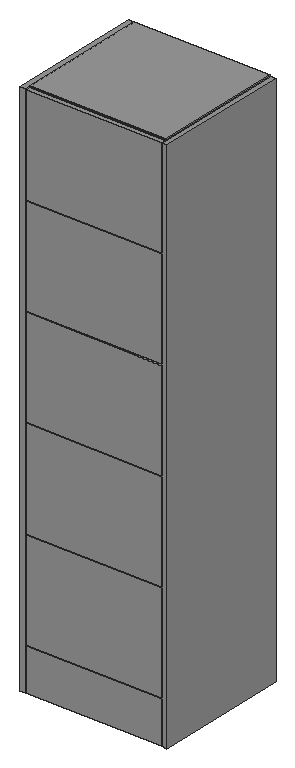
Revit family "Haworth_BeHold_SmartLocker_EU_PRELIMINARY", category Furniture Systems, Revit 2019
Family settings
  Round Connector Dimension = Use Diameter
  Part Type = Normal
  OmniClass Number = 23.40.70.14.64.21
  OmniClass Title = Systems Furniture
  Work Plane-Based = No
  Always vertical = Yes
  Cut with Voids When Loaded = No
  Shared = No
  Room Calculation Point = No
Parameters (values of type "5 Cubbies")
  Width = 50 cm  # constant formula
  Warranty = "http://www.haworth.com/resources/product-info/warranties"
  URL - Product = "https://www.haworth.com/eu/en/products/office-drawers/be-hold.html"
  URL = "https://www.haworth.com/eu/en.html"
  Type Comments = ""
  Top Height = 3.175 cm  # constant formula
  Start Module [instance] = yes
  Size = "Verify Final Dim. w/ Haworth"  # constant formula
  Revision Number = "1"  # constant formula
  Panel Thickness Half = 0.9525 cm  # constant formula
  Panel Thickness = 1.905 cm  # constant formula
  Model = "Haworth - BeHold"  # constant formula
  Manufacturer = "Haworth"  # constant formula
  Height = 200 cm  # constant formula
  Glide Finish = Haworth _ Polymer _ Black
  Front Finish [instance] = Haworth _ Laminate _ Undecided _ Storage
  End Module [instance] = yes
  Door Width = 50 cm  # constant formula
  Door Offset = 0.1588 cm  # constant formula
  Door Gap = 0.3175 cm  # constant formula
  Description = "Haworth - BeHold - Smart Locker"  # constant formula
  Depth = 50 cm  # constant formula
  Cabinet Finish [instance] = Haworth _ Laminate _ Undecided _ Storage
  Base Height = 16.3314 cm  # constant formula
  Author = "Haworth (Abd Rahman)"  # constant formula
  Assembly Code = "E2020200"
  Actual Width = 50 cm  # constant formula
  Actual Height = 200 cm  # constant formula
  Actual Depth = 50 cm  # constant formula
  5 Cubbies = not(or([2 Cubbies], [3 Cubbies], [4 Cubbies]))  # yes
  4 Cubbies = no
  3 Cubbies = no
  2 Cubbies = no
Types (4, lengths in cm): name | 5 Cubbies | 4 Cubbies | 3 Cubbies | 2 Cubbies
  4 Cubbies | no | yes | no | no
  2 Cubbies | no | no | no | yes
  3 Cubbies | no | no | yes | no
  5 Cubbies | yes | no | no | no
Reference planes (cm)
  plane 1 "Back": y = 0
  plane 2: z = 0
  plane 3 "Center L/R": x = 0
  plane 4 "Left": x = -25
  plane 5 "Right": x = 25
  plane 6 "Back of Drawer": y = -48.095
  plane 7 "Front": y = -50
  plane 8 "Top": z = 200
  plane 9 "Bottom of Top": z = 199.7075
  plane 10 "Bottom of Cabinet": z = 0
  plane 11 "Base Top": z = 16.3314
  plane 12 "Left Inside": x = -23.095
  plane 13 "Right Inside": x = 23.095
  plane 14 "Center F/B": y = -25
  plane 15 "Door Left": x = -24.8412
  plane 16 "Door Right": x = 24.8413
  plane 17 "Door Top": z = 199.6825
  plane 18 "Back Inside": y = -1.905
  plane 19 "Door Bottom": z = 16.6489
  plane 20: z = 154.2075
  plane 21: z = 153.9075
  plane 22: z = 108.3089
  plane 23: z = 107.9789
  plane 24: z = 62.4789
  plane 25: z = 62.1489
  plane 26: z = 0.7937
  plane 27: z = 3.9687
  plane 28: x = -27
  plane 29: x = -27.2
Forms (cm)
  Extrusion 1, solid, material "Haworth _ Laminate _ Undecided _ Storage" <- "Cabinet Finish"
    sketch origin (0, 0, 0) x (1, 0, 0) y (0, 1, 0)
      loop
        line (-25, 0) -> (-25, -48.095) -> (25, -48.095) -> (25, 0) -> (-25, 0)
    from 199.7075 to 200
  Extrusion 2, solid, material "Haworth _ Laminate _ Undecided _ Storage" <- "Cabinet Finish"
    sketch origin (0, 0, -47.625) x (1, 0, 0) y (0, 1, 0)
      loop
        line (-25, -48.095) -> (-25, -50) -> (25, -50) -> (25, -48.095) -> (-25, -48.095)
    from 48.4187 to 63.9564
  Extrusion 3, solid, material "Haworth _ Laminate _ Undecided _ Storage" <- "Cabinet Finish"
    sketch origin (0, 0, 0) x (1, 0, 0) y (0, 1, 0)
      loop
        line (-25, 0) -> (-25, -1.905) -> (25, -1.905) -> (25, 0) -> (-25, 0)
    from 0.7937 to 199.7075
  Extrusion 4, solid, material "Haworth _ Polymer _ Black" <- "Glide Finish"
    sketch origin (0, 0, 0) x (1, 0, 0) y (0, 1, 0)
      loop
        circle (-20.5388, -4.4598) r 1.27
      loop
        circle (20.5388, -4.4598) r 1.27
      loop
        circle (-20.5388, -43.6498) r 1.27
      loop
        circle (20.5388, -43.6498) r 1.27
    from 0 to 0.7937
  Extrusion 5, solid, material "Haworth _ Laminate _ Undecided _ Storage" <- "Cabinet Finish"
    sketch origin (0, 0, 0) x (1, 0, 0) y (0, 1, 0)
      loop
        line (-23.095, -1.905) -> (-23.095, -48.095) -> (23.095, -48.095) -> (23.095, -1.905) -> (-23.095, -1.905)
    from 0.7937 to 3.9687
  Extrusion 6, solid, material "Haworth _ Laminate _ Undecided _ Storage" <- "Cabinet Finish"
    sketch origin (0, 0, -0.3332) x (1, 0, 0) y (0, 1, 0)
      loop
        line (-25, -1.905) -> (-25, -48.095) -> (25, -48.095) -> (25, -1.905) -> (-25, -1.905)
    from 1.127 to 200.0157
  Extrusion 7, solid, material "Haworth _ Polymer _ Black" <- "Glide Finish", visible <- "Start Module"
    sketch origin (-25, 0, 15.25) x (0, 1, 0) y (0, 0, 1)
      loop
        line (-36.5982, 101.5169) -> (-43.6152, 101.5169) -> (-43.6152, 95.3272) -> (-36.5982, 95.3272) -> (-36.5982, 101.5169)
      loop
        line (-36.5982, 102.5169) -> (-43.6152, 102.5169)
        arc (-43.6152, 102.5169) -> (-44.3223, 102.2241) -> (-44.6152, 101.5169) r 1
        line (-44.6152, 101.5169) -> (-44.6152, 95.3272)
        arc (-44.6152, 95.3272) -> (-44.3223, 94.6201) -> (-43.6152, 94.3272) r 1
        line (-43.6152, 94.3272) -> (-36.5982, 94.3272)
        arc (-36.5982, 94.3272) -> (-35.8911, 94.6201) -> (-35.5982, 95.3272) r 1
        line (-35.5982, 95.3272) -> (-35.5982, 101.5169)
        arc (-35.5982, 101.5169) -> (-35.8911, 102.2241) -> (-36.5982, 102.5169) r 1
      loop
        line (-44.6152, 113.7977) -> (-44.6152, 107.7977) -> (-35.5982, 107.7977) -> (-35.5982, 113.7977) -> (-44.6152, 113.7977)
    from -2.2 to -1.5144
  Extrusion 8, solid, material "Haworth _ Laminate _ Undecided _ Storage" <- "Cabinet Finish", visible <- "Start Module"
    sketch origin (-25, 0, 0) x (0, 1, 0) y (0, 0, 1)
      loop
        line (0, 199.7075) -> (-50, 199.7075) -> (-50, 0.7937) -> (0, 0.7937) -> (0, 199.7075)
      loop
        line (-44.6152, 129.0477) -> (-44.6152, 123.0477) -> (-35.5982, 123.0477) -> (-35.5982, 129.0477) -> (-44.6152, 129.0477)
      loop
        arc (-43.6152, 117.7669) -> (-44.3223, 117.4741) -> (-44.6152, 116.7669) r 1
        line (-44.6152, 116.7669) -> (-44.6152, 110.5772)
        arc (-44.6152, 110.5772) -> (-44.3223, 109.8701) -> (-43.6152, 109.5772) r 1
        line (-43.6152, 109.5772) -> (-36.5982, 109.5772)
        arc (-36.5982, 109.5772) -> (-35.8911, 109.8701) -> (-35.5982, 110.5772) r 1
        line (-35.5982, 110.5772) -> (-35.5982, 116.7669)
        arc (-35.5982, 116.7669) -> (-35.8911, 117.4741) -> (-36.5982, 117.7669) r 1
        line (-36.5982, 117.7669) -> (-43.6152, 117.7669)
    from -2 to 0
  Extrusion 9, solid, material "Haworth _ Polymer _ Black" <- "Glide Finish", visible <- "Start Module"
    sketch origin (-25, 0, 15.25) x (0, 1, 0) y (0, 0, 1)
      loop
        line (-36.5982, 101.5169) -> (-43.6152, 101.5169) -> (-43.6152, 95.3272) -> (-36.5982, 95.3272) -> (-36.5982, 101.5169)
      loop
        line (-35.5982, 107.7977) -> (-35.5982, 113.7977) -> (-44.6152, 113.7977) -> (-44.6152, 107.7977) -> (-35.5982, 107.7977)
    from -1.7475 to -0.6114
Lines and regions (cm)
  Masking region 1
    outline origin (0, 0, 0) x (1, 0, 0) y (0, 1, 0)
      loop
        line (25, 0) -> (-25, 0) -> (-25, -50) -> (25, -50) -> (25, 0)
Dimensions and locks (cm)
  "Panel Thickness": plane 6 "Back of Drawer" to plane 7 "Front"
  "Actual Depth": plane 1 "Back" to plane 7 "Front"
  "Actual Width": plane 4 "Left" to plane 5 "Right"
  equal spacing: plane 4 "Left", plane 3 "Center L/R", plane 5 "Right"
  "Actual Height": plane 8 "Top" to level
  "Panel Thickness": plane 12 "Left Inside" to plane 4 "Left"
  "Panel Thickness": plane 5 "Right" to plane 13 "Right Inside"
  equal spacing: plane 7 "Front", plane 14 "Center F/B", plane 1 "Back"
  "Base Height": plane 11 "Base Top" to level
  "Door Offset": plane 16 "Door Right" to plane 5 "Right"
  "Door Offset": plane 4 "Left" to plane 15 "Door Left"
  "Door Gap": plane 8 "Top" to plane 17 "Door Top"
  "Actual Width": plane 5 "Right" to plane 4 "Left"
  "Panel Thickness": plane 18 "Back Inside" to plane 1 "Back"
  "Door Gap": plane 19 "Door Bottom" to plane 11 "Base Top"
  plane 26 to level = 0.7938 cm
  plane 27 to plane 26 = 3.175 cm
  plane 9 "Bottom of Top" to plane 20 = 45.5 cm
  plane 21 to plane 22 = 45.5986 cm
  plane 23 to plane 24 = 45.5 cm
  plane 25 to plane 19 "Door Bottom" = 45.5 cm
  locked: plane 28 to plane 4 "Left" at 2
  locked: plane 29 to plane 28 at 0.2
  aligned and locked: plane 1 "Back" to Extrusion 1 sketch curve
  aligned and locked: plane 8 "Top" to Extrusion 1
  aligned and locked: level to plane 2
  aligned and locked: plane 10 "Bottom of Cabinet" to level
  aligned and locked: plane 6 "Back of Drawer" to Extrusion 1 sketch curve
  aligned and locked: Extrusion 3 sketch curve to Extrusion 1
  aligned and locked: plane 9 "Bottom of Top" to Extrusion 3
  aligned and locked: plane 26 to Extrusion 4
  aligned and locked: Extrusion 5 to plane 26
  aligned and locked: plane 27 to Extrusion 5
  aligned and locked: Extrusion 2 to plane 26
  aligned and locked: Extrusion 3 to plane 26
  aligned and locked: Masking region 1 to plane 4 "Left"
  aligned and locked: nested 1 to plane 19 "Door Bottom"
  aligned and locked: plane 3 "Center L/R" to nested 1
  aligned and locked: plane 17 "Door Top" to nested 2
  aligned and locked: plane 3 "Center L/R" to nested 2
  aligned and locked: plane 6 "Back of Drawer" to nested 1
  aligned and locked: plane 6 "Back of Drawer" to nested 2
  aligned and locked: nested 3 to plane 5 "Right"
  aligned and locked: nested 3 to plane 14 "Center F/B"
  aligned and locked: nested 4 to plane 19 "Door Bottom"
  aligned and locked: plane 3 "Center L/R" to nested 4
  aligned and locked: nested 5 to plane 24
  aligned and locked: plane 3 "Center L/R" to nested 5
  aligned and locked: nested 7 to plane 22
  aligned and locked: plane 3 "Center L/R" to nested 7
  aligned and locked: nested 6 to plane 20
  aligned and locked: plane 3 "Center L/R" to nested 6
  aligned and locked: plane 6 "Back of Drawer" to nested 6
  aligned and locked: plane 6 "Back of Drawer" to nested 5
  aligned and locked: plane 6 "Back of Drawer" to nested 7
  aligned and locked: plane 6 "Back of Drawer" to nested 4
  aligned and locked: nested 8 to plane 19 "Door Bottom"
  aligned and locked: plane 9 "Bottom of Top" to nested 10
  aligned and locked: plane 6 "Back of Drawer" to nested 8
  aligned and locked: plane 6 "Back of Drawer" to nested 9
  aligned and locked: plane 6 "Back of Drawer" to nested 10
  aligned and locked: nested 11 to plane 19 "Door Bottom"
  aligned and locked: plane 6 "Back of Drawer" to nested 15
  aligned and locked: plane 6 "Back of Drawer" to nested 14
  aligned and locked: plane 6 "Back of Drawer" to nested 13
  aligned and locked: plane 6 "Back of Drawer" to nested 12
  aligned and locked: plane 6 "Back of Drawer" to nested 11
  aligned and locked: plane 3 "Center L/R" to nested 15
  aligned and locked: plane 3 "Center L/R" to nested 14
  aligned and locked: plane 3 "Center L/R" to nested 13
  aligned and locked: plane 3 "Center L/R" to nested 12
  aligned and locked: plane 3 "Center L/R" to nested 11
  aligned and locked: plane 5 "Right" to Extrusion 3 sketch curve
  aligned and locked: plane 4 "Left" to Extrusion 3 sketch curve
  aligned and locked: plane 5 "Right" to Extrusion 1 sketch curve
  aligned and locked: plane 4 "Left" to Extrusion 1 sketch curve
  aligned and locked: Extrusion 1 to plane 9 "Bottom of Top"
  aligned and locked: plane 17 "Door Top" to Extrusion 6
  aligned and locked: Extrusion 6 to plane 26
  aligned and locked: Extrusion 6 sketch curve to plane 18 "Back Inside"
  aligned and locked: plane 11 "Base Top" to Extrusion 2
  aligned and locked: plane 6 "Back of Drawer" to Extrusion 2
  aligned and locked: nested 3 to plane 26
  aligned and locked: plane 3 "Center L/R" to nested 8
  aligned and locked: plane 3 "Center L/R" to nested 9
  aligned and locked: plane 3 "Center L/R" to nested 10
  aligned and locked: plane 26 to Extrusion 8 sketch curve
  aligned and locked: plane 1 "Back" to Extrusion 8 sketch curve
  aligned and locked: Extrusion 8 sketch curve to plane 9 "Bottom of Top"
  aligned and locked: Extrusion 8 to plane 28
  aligned and locked: plane 4 "Left" to Extrusion 8
  aligned and locked: plane 7 "Front" to Extrusion 8 sketch curve
  aligned and locked: Extrusion 2 to plane 7 "Front"
  aligned and locked: Extrusion 2 to plane 4 "Left"
  aligned and locked: Extrusion 2 to plane 5 "Right"
Automatic sketch dimensions
  Extrusion 2 sketch curve to plane 7 "Front" = 0 cm
  Extrusion 2 sketch curve to plane 15 "Door Left" = 0.1588 cm
  Extrusion 2 sketch curve to plane 16 "Door Right" = 0.1588 cm
  plane 6 "Back of Drawer" to Extrusion 2 sketch curve = 0 cm
  Extrusion 3 sketch curve to plane 18 "Back Inside" = 0 cm
  plane 12 "Left Inside" to Extrusion 4 sketch curve = 2.5562 cm  (x2)
  Extrusion 4 sketch curve to plane 13 "Right Inside" = 2.5562 cm  (x2)
  plane 6 "Back of Drawer" to Extrusion 4 sketch curve = 4.4452 cm  (x2)
  Extrusion 4 sketch curve to plane 18 "Back Inside" = 2.5548 cm  (x2)
  Extrusion 5 sketch curve to plane 6 "Back of Drawer" = 0 cm
  Extrusion 5 sketch curve to plane 12 "Left Inside" = 0 cm
  Extrusion 5 sketch curve to plane 13 "Right Inside" = 0 cm
  Extrusion 5 sketch curve to plane 18 "Back Inside" = 0 cm
  plane 1 "Back" to Masking region 1 sketch curve = 0 cm
  Masking region 1 sketch curve to plane 4 "Left" = 0 cm
  Masking region 1 sketch curve to plane 5 "Right" = 0 cm
  Masking region 1 sketch curve to plane 7 "Front" = 0 cm
  Extrusion 6 sketch curve to plane 4 "Left" = 0 cm
  Extrusion 6 sketch curve to plane 5 "Right" = 0 cm
  Extrusion 6 sketch curve to plane 6 "Back of Drawer" = 0 cm
  plane 6 "Back of Drawer" to Extrusion 7 sketch curve = 4.4798 cm
  Extrusion 7 sketch curve to Extrusion 7 sketch curve = 7.017 cm
  plane 23 to Extrusion 7 sketch curve = 2.5983 cm
  plane 23 to Extrusion 7 sketch curve = 8.788 cm
  Extrusion 7 sketch curve to Extrusion 7 sketch curve = 1 cm  (x3)
  Extrusion 7 sketch curve to Extrusion 7 sketch curve = 0 cm  (x5)
  plane 6 "Back of Drawer" to Extrusion 9 sketch curve = 4.4798 cm
  Extrusion 9 sketch curve to Extrusion 9 sketch curve = 7.017 cm
  plane 23 to Extrusion 9 sketch curve = 2.5983 cm
  plane 23 to Extrusion 9 sketch curve = 8.788 cm
  plane 6 "Back of Drawer" to Extrusion 9 sketch curve = 3.4798 cm
  plane 22 to Extrusion 9 sketch curve = 14.7388 cm
  Extrusion 9 sketch curve to Extrusion 9 sketch curve = 1 cm
  Extrusion 9 sketch curve to Extrusion 9 sketch curve = 6 cm
  plane 6 "Back of Drawer" to Extrusion 7 sketch curve = 3.4798 cm
  Extrusion 7 sketch curve to Extrusion 7 sketch curve = 9.017 cm
  plane 22 to Extrusion 7 sketch curve = 14.7388 cm
  Extrusion 7 sketch curve to Extrusion 7 sketch curve = 6 cm
  plane 6 "Back of Drawer" to Extrusion 8 sketch curve = 3.4798 cm  (x2)
  Extrusion 8 sketch curve to Extrusion 8 sketch curve = 6 cm
  Extrusion 8 sketch curve to Extrusion 8 sketch curve = 9.017 cm
  plane 22 to Extrusion 8 sketch curve = 14.7388 cm
  Extrusion 8 sketch curve to Extrusion 8 sketch curve = 1 cm  (x4)
  plane 22 to Extrusion 8 sketch curve = 1.2683 cm
  Extrusion 8 sketch curve to Extrusion 8 sketch curve = 7.017 cm
  Extrusion 8 sketch curve to Extrusion 8 sketch curve = 6.1898 cm
  radius of Extrusion 4 sketch curve = 1.27 cm  (x4)
Nested families (cm)
  nested 1: "Haworth_SmartLocker_Doors1" at (-2.9977, -48.9707, 16.6489), visible <- "2 Cubbies", type "VECOS V2 Smart Lock 2"
  nested 2: "Haworth_SmartLocker_Doors1" at (-2.9977, -48.9707, 108.5025), visible <- "2 Cubbies", type "VECOS V2 Smart Lock 2"
  nested 3: "Haworth_SmartLocker_EndPanel" at (26, -25, -0.4763), visible <- "End Module", End Panel Finish <- "Cabinet Finish", type "SLKR-ELI_19d 81.06h"
    with End Panel Finish Haworth _ Laminate _ Undecided _ Storage, End Panel Thickness 2 cm
  nested 4: "Haworth_SmartLocker_Doors" at (-2.9977, -48.9707, 16.6489), visible <- "4 Cubbies", type "VECOS V2 Smart Lock 4"
  nested 5: "Haworth_SmartLocker_Doors" at (-2.9977, -48.9707, 62.4789), visible <- "4 Cubbies", type "VECOS V2 Smart Lock 4"
  nested 6: "Haworth_SmartLocker_Doors" at (-2.9977, -48.9707, 154.2075), visible <- "4 Cubbies", type "VECOS V2 Smart Lock 4"
  nested 7: "Haworth_SmartLocker_Doors" at (-2.9977, -48.9707, 108.3089), visible <- "4 Cubbies", type "VECOS V2 Smart Lock 4"
  nested 8: "Haworth_SmartLocker_Doors" at (-2.9977, -48.9707, 16.6489), visible <- "3 Cubbies", type "VECOS V2 Smart Lock 3"
  nested 9: "Haworth_SmartLocker_Doors" at (-2.9977, -48.9707, 77.9775), visible <- "3 Cubbies", type "VECOS V2 Smart Lock 3"
  nested 10: "Haworth_SmartLocker_Doors" at (-2.9977, -48.9707, 139.3075), visible <- "3 Cubbies", type "VECOS V2 Smart Lock 3"
  nested 11: "Haworth_SmartLocker_Doors" at (-2.9977, -48.9707, 16.6489), visible <- "5 Cubbies", type "VECOS V2 Smart Lock 5"
  nested 12: "Haworth_SmartLocker_Doors" at (-2.9977, -48.9707, 53.2989), visible <- "5 Cubbies", type "VECOS V2 Smart Lock 5"
  nested 13: "Haworth_SmartLocker_Doors" at (-2.9977, -48.9707, 89.9489), visible <- "5 Cubbies", type "VECOS V2 Smart Lock 5"
  nested 14: "Haworth_SmartLocker_Doors" at (-2.9977, -48.9707, 126.5989), visible <- "5 Cubbies", type "VECOS V2 Smart Lock 5"
  nested 15: "Haworth_SmartLocker_Doors" at (-2.9977, -48.9707, 163.2489), visible <- "5 Cubbies", type "VECOS V2 Smart Lock 5"
Definition of nested family "Haworth_SmartLocker_Doors1"
  Parameters (values of type "VECOS V2 Smart Lock 2")
    VECOS V2 Smart Lock = yes
    VECOS LBC 2.0 Temminal With Lock = no
    URL = "https://www.haworth.com/na/en.html"
    Revision Number = "1"  # constant formula
    Model = "Haworth - Smart Locker"  # constant formula
    Description = "Haworth - Smart Locker - Door"  # constant formula
    Assembly Code = ""
    Door Width = 50 cm
    Door Height = 91.18 cm
    Door Finish = none
    Door Depth = 1.905 cm
    Manufacturer = "Haworth"  # constant formula
    Author = "Haworth (Chen)"  # constant formula
  Reference planes (cm)
    plane 1 "Center F/B": y = -0.0768
    plane 2: z = -14.8779
    plane 3 "Center L/R": x = 2.9977
    plane 4 "Left": x = -22.0023
    plane 5 "Right": x = 27.9977
    plane 6 "Back": y = 0.8757
    plane 7 "Front": y = -1.0293
    plane 8 "Top": z = 91.18
    plane 9 "Lock Hole": x = 22.2827
    plane 10 "Cutout": z = 45.59
    plane 11 "Door Pull Front": y = -1.3468
    plane 12 "Door Pull Back": y = 1.1932
    plane 13 "Sswing Front": y = -8.9668
    plane 14 "Swing End": x = 26.7277
  Forms (cm)
    Extrusion 1, solid, material <- "Door Finish", visible <- "VECOS V2 Smart Lock"
      sketch origin (0, -0.0768, 0) x (1, 0, 0) y (0, 0, 1)
        loop
          line (-22.0023, 91.18) -> (-22.0023, 0) -> (27.9977, 0) -> (27.9977, 91.18) -> (-22.0023, 91.18)
      from -0.9525 to 0.9525
    Extrusion 2, solid, material <- "Door Finish", visible <- "VECOS LBC 2.0 Temminal With Lock"
      sketch origin (0, -0.0768, 0) x (1, 0, 0) y (0, 0, 1)
        loop
          line (-22.0023, 91.18) -> (-22.0023, 0) -> (27.9977, 0) -> (27.9977, 91.18) -> (-22.0023, 91.18)
        loop
          circle (22.106, 45.6931) r 0.9155
        loop
          line (-3.7836, 53.0601) -> (-3.7836, 38.1199)
          arc (-3.7836, 38.1199) -> (-3.7586, 36.7988) -> (-2.4375, 36.7738) r 0.9525
          line (-2.4375, 36.7738) -> (7.7552, 36.7738)
          arc (7.7552, 36.7738) -> (9.0763, 36.7988) -> (9.1013, 38.1199) r 0.9525
          line (9.1013, 38.1199) -> (9.1013, 53.0601)
          arc (9.1013, 53.0601) -> (9.0763, 54.3812) -> (7.7552, 54.4062) r 0.9525
          line (7.7552, 54.4062) -> (-2.4375, 54.4062)
          arc (-2.4375, 54.4062) -> (-3.7586, 54.3812) -> (-3.7836, 53.0601) r 0.9525
      from -0.9525 to 0.9525
  Lines and regions (cm)
    Masking region 1
      outline origin (0, 0, 0) x (1, 0, 0) y (0, 1, 0)
        loop
          line (-22.0023, 0.8757) -> (-22.0023, -1.0293) -> (27.9977, -1.0293) -> (27.9977, 0.8757) -> (-22.0023, 0.8757)
    symbolic lines, detail levels medium+fine
      curve 1: line (-22.0023, -1.3468, 0) -> (26.7277, -8.9668, 0)
    symbolic lines, detail levels fine
      curve 2: line (27.9977, -1.0293, 91.18) -> (-22.0023, -1.0293, 45.59)
      curve 3: line (-22.0023, -1.0293, 45.59) -> (27.9977, -1.0293, 0)
  Dimensions and locks (cm)
    "Door Height": plane 8 "Top" to level
    equal spacing: plane 6 "Back", plane 1 "Center F/B", plane 7 "Front"
    "Door Depth": plane 6 "Back" to plane 7 "Front"
    equal spacing: plane 4 "Left", plane 3 "Center L/R", plane 5 "Right"
    "Door Width": plane 4 "Left" to plane 5 "Right"
    plane 5 "Right" to plane 9 "Lock Hole" = 5.715 cm
    equal spacing: plane 8 "Top", plane 10 "Cutout", level
    locked: plane 14 "Swing End" to plane 5 "Right" at 1.27
    plane 5 "Right" to plane 3 "Center L/R" = 25 cm
    plane 5 "Right" to plane 4 "Left" = 50 cm
    aligned and locked: plane 4 "Left" to Extrusion 1 sketch curve
    aligned and locked: Extrusion 1 sketch curve to plane 5 "Right"
    aligned and locked: Extrusion 1 sketch curve to plane 8 "Top"
    aligned and locked: level to Extrusion 1 sketch curve
    aligned and locked: plane 6 "Back" to Extrusion 1
    aligned and locked: Extrusion 1 to plane 7 "Front"
    aligned and locked: Extrusion 1 to plane 4 "Left"
  Automatic sketch dimensions
    curve 1 to plane 4 "Left" = 0 cm
    curve 1 to plane 13 "Sswing Front" = 0 cm
    curve 1 to plane 14 "Swing End" = 0 cm
    curve 1 to plane 11 "Door Pull Front" = 0 cm
    Masking region 1 sketch curve to plane 4 "Left" = 0 cm
    Masking region 1 sketch curve to plane 5 "Right" = 0 cm
    Masking region 1 sketch curve to plane 7 "Front" = 0 cm
    Masking region 1 sketch curve to plane 6 "Back" = 0 cm
    curve 2 to plane 5 "Right" = 0 cm
    curve 3 to level = 0 cm
    curve 3 to plane 5 "Right" = 0 cm
    curve 2 to plane 4 "Left" = 0 cm
    curve 3 to plane 10 "Cutout" = 0 cm
    curve 2 to plane 8 "Top" = 0 cm
    Extrusion 2 sketch curve to level = 0 cm
    Extrusion 2 sketch curve to plane 4 "Left" = 0 cm
    Extrusion 2 sketch curve to plane 5 "Right" = 0 cm
    Extrusion 2 sketch curve to plane 8 "Top" = 0 cm
    Extrusion 2 sketch curve to plane 9 "Lock Hole" = 0.1767 cm
    plane 10 "Cutout" to Extrusion 2 sketch curve = 0.1031 cm
    Extrusion 2 sketch curve to Extrusion 2 sketch curve = 0.9155 cm
    Extrusion 2 sketch curve to plane 3 "Center L/R" = 6.7813 cm
    Extrusion 2 sketch curve to Extrusion 2 sketch curve = 0.6985 cm  (x4)
    plane 10 "Cutout" to Extrusion 2 sketch curve = 7.4701 cm
    Extrusion 2 sketch curve to Extrusion 2 sketch curve = 0.6476 cm  (x6)
    Extrusion 2 sketch curve to plane 10 "Cutout" = 7.4701 cm  (x2)
    plane 3 "Center L/R" to Extrusion 2 sketch curve = 4.7575 cm
    Extrusion 2 sketch curve to Extrusion 2 sketch curve = 1.3461 cm
Definition of nested family "Haworth_SmartLocker_EndPanel"
  Parameters (values of type "SLKR-ELI_19d 81.06h")
    URL = "https://www.haworth.com/na/en.html"
    Size = "Verify Final Dim. w/ Haworth"  # constant formula
    Revision Number = "1"  # constant formula
    Model = "SLKR-ELI"  # constant formula
    Manufacturer = "Haworth"  # constant formula
    End Panel Thickness = 2.9964 cm
    End Panel Height = 200 cm
    End Panel Finish [instance] = none
    End Panel Depth = 50 cm
    Description = "Haworth - Smart Locker - End Panel"  # constant formula
    Author = "Haworth (Chen)"  # constant formula
  Reference planes (cm)
    plane 1 "Center Front/Back": y = 0
    plane 2: z = 0
    plane 3 "Center Left/Right": x = 0
    plane 4: x = -1.4982
    plane 5: x = 1.4982
    plane 6: y = 25
    plane 7: y = -25
    plane 8: z = 200
    plane 9: y = 19.6152
    plane 10: y = -19.6152
    plane 11: z = 199.4928
    plane 12: z = 1.778
    plane 13: z = 1.27
    plane 14: y = 10.5982
    plane 15: y = -10.5982
  Forms (cm)
    Extrusion 1, solid, material <- "End Panel Finish"
      sketch origin (-97.9429, 0.0768, 0) x (1, 0, 0) y (0, 1, 0)
        loop
          line (96.4447, 24.9232) -> (96.4447, -25.0768) -> (99.4411, -25.0768) -> (99.4411, 24.9232) -> (96.4447, 24.9232)
      from 1.27 to 200
    Extrusion 2, void
      sketch origin (0, 0, 0) x (1, 0, 0) y (0, 1, 0)
        loop
          line (0.4826, 19.6152) -> (-1.4982, 19.6152) -> (-1.4982, 10.5982) -> (0.4826, 10.5982) -> (0.4826, 19.6152)
        loop
          line (0.4826, -10.5982) -> (-1.4982, -10.5982) -> (-1.4982, -19.6152) -> (0.4826, -19.6152) -> (0.4826, -10.5982)
      from 1.778 to 199.4928
  Cuts and joins
    Extrusion 2 cuts Extrusion 1
  Lines and regions (cm)
    Masking region 1
      outline origin (0, 0, 0) x (1, 0, 0) y (0, 1, 0)
        loop
          line (1.4982, 25.0004) -> (-1.4982, 25.0004) -> (-1.4982, -25.0004) -> (1.4982, -25.0004) -> (1.4982, 25.0004)
  Dimensions and locks (cm)
    "End Panel Thickness": plane 4 to plane 5
    "End Panel Depth": plane 6 to plane 7
    equal spacing: plane 6, plane 1 "Center Front/Back", plane 7
    equal spacing: plane 4, plane 3 "Center Left/Right", plane 5
    Extrusion 1 sketch curve to Extrusion 1 sketch curve = 50 cm
    equal spacing: Extrusion 1 sketch curve, plane 1 "Center Front/Back", Extrusion 1 sketch curve
    locked: plane 6 to plane 9 at 5.3848
    locked: plane 7 to plane 10 at 5.3848
    locked: plane 8 to plane 11 at 0.5072
    "End Panel Height": plane 8 to level
    locked: plane 12 to plane 13 at 0.508
    locked: plane 9 to plane 14 at 9.017
    locked: plane 10 to plane 15 at 9.017
    aligned and locked: level to plane 2
    aligned and locked: plane 4 to Extrusion 1
    aligned and locked: plane 5 to Extrusion 1
    aligned and locked: plane 8 to Extrusion 1
    aligned and locked: plane 9 to Extrusion 2 sketch curve
    aligned and locked: Extrusion 2 sketch curve to plane 4  (x2)
    aligned and locked: plane 10 to Extrusion 2 sketch curve
    aligned and locked: plane 11 to cut or joined group of Extrusion 1, Extrusion 2
    aligned and locked: cut or joined group of Extrusion 1, Extrusion 2 to plane 12
    aligned and locked: cut or joined group of Extrusion 1, Extrusion 2 to plane 13
    aligned and locked: plane 9 to cut or joined group of Extrusion 1, Extrusion 2  (x2)
    aligned and locked: plane 10 to cut or joined group of Extrusion 1, Extrusion 2  (x2)
    aligned and locked: cut or joined group of Extrusion 1, Extrusion 2 to plane 14
    aligned and locked: cut or joined group of Extrusion 1, Extrusion 2 to plane 15
    aligned and locked: cut or joined group of Extrusion 1, Extrusion 2 to plane 7
  Automatic sketch dimensions
    plane 3 "Center Left/Right" to Extrusion 2 sketch curve = 0.4826 cm  (x2)
    Extrusion 2 sketch curve to plane 10 = 9.017 cm
    Extrusion 2 sketch curve to plane 9 = 9.017 cm
    plane 6 to Masking region 1 sketch curve = 0.0004 cm
    Masking region 1 sketch curve to plane 4 = 0 cm
    Masking region 1 sketch curve to plane 5 = 0 cm
    Masking region 1 sketch curve to plane 7 = 0.0004 cm
    Extrusion 1 sketch curve to plane 5 = 0 cm
    Extrusion 1 sketch curve to plane 4 = 0 cm
Definition of nested family "Haworth_SmartLocker_Doors"
  Parameters (values of type "VECOS V2 Smart Lock 5")
    VECOS V2 Smart Lock = yes
    VECOS LBC 2.0 Temminal With Lock = no
    URL = "https://www.haworth.com/na/en.html"
    Revision Number = "1"  # constant formula
    Model = "Haworth - Smart Locker"  # constant formula
    Description = "Haworth - Smart Locker - Door"  # constant formula
    Assembly Code = ""
    Door Width = 50 cm
    Door Height = 36.3 cm
    Door Finish = none
    Door Depth = 1.905 cm
    Manufacturer = "Haworth"  # constant formula
    Author = "Haworth (Chen)"  # constant formula
  Types (3, lengths in cm): name | Door Height
    VECOS V2 Smart Lock 5 | 36.3
    VECOS V2 Smart Lock 3 | 60.4
    VECOS V2 Smart Lock 4 | 45.5
  Reference planes (cm)
    plane 1 "Center F/B": y = -0.0768
    plane 2: z = -14.8779
    plane 3 "Center L/R": x = 2.9977
    plane 4 "Left": x = -22.0023
    plane 5 "Right": x = 27.9977
    plane 6 "Back": y = 0.8757
    plane 7 "Front": y = -1.0293
    plane 8 "Top": z = 36.3
    plane 9 "Lock Hole": x = 22.2827
    plane 10 "Cutout": z = 23.1204
    plane 11 "Door Pull Front": y = -1.3468
    plane 12 "Door Pull Back": y = 1.1932
    plane 13 "Sswing Front": y = -8.9668
    plane 14 "Swing End": x = 26.7277
  Forms (cm)
    Extrusion 1, solid, material <- "Door Finish", visible <- "VECOS V2 Smart Lock"
      sketch origin (0, -0.0768, 0) x (1, 0, 0) y (0, 0, 1)
        loop
          line (-22.0023, 36.3) -> (-22.0023, 0) -> (27.9977, 0) -> (27.9977, 36.3) -> (-22.0023, 36.3)
      from -0.9525 to 0.9525
    Extrusion 2, solid, material <- "Door Finish", visible <- "VECOS LBC 2.0 Temminal With Lock"
      sketch origin (0, -0.0768, 0) x (1, 0, 0) y (0, 0, 1)
        loop
          line (-22.0023, 36.3) -> (-22.0023, 0) -> (27.9977, 0) -> (27.9977, 36.3) -> (-22.0023, 36.3)
        loop
          circle (21.5032, 21.2684) r 0.9155
        loop
          line (-3.7836, 30.5906) -> (-3.7836, 15.6503)
          arc (-3.7836, 15.6503) -> (-3.7586, 14.3292) -> (-2.4375, 14.3043) r 0.9525
          line (-2.4375, 14.3043) -> (7.7552, 14.3043)
          arc (7.7552, 14.3043) -> (9.0763, 14.3292) -> (9.1013, 15.6503) r 0.9525
          line (9.1013, 15.6503) -> (9.1013, 30.5906)
          arc (9.1013, 30.5906) -> (9.0763, 31.9117) -> (7.7552, 31.9366) r 0.9525
          line (7.7552, 31.9366) -> (-2.4375, 31.9366)
          arc (-2.4375, 31.9366) -> (-3.7586, 31.9117) -> (-3.7836, 30.5906) r 0.9525
      from -0.9525 to 0.9525
  Lines and regions (cm)
    Masking region 1
      outline origin (0, 0, 0) x (1, 0, 0) y (0, 1, 0)
        loop
          line (-22.0023, 0.8757) -> (-22.0023, -1.0293) -> (27.9977, -1.0293) -> (27.9977, 0.8757) -> (-22.0023, 0.8757)
    symbolic lines, detail levels medium+fine
      curve 1: line (-22.0023, -1.3468, 0) -> (26.7277, -8.9668, 0)
    symbolic lines, detail levels fine
      curve 2: line (27.9977, -1.0293, 36.3) -> (-22.0023, -1.0293, 23.1204)
      curve 3: line (-22.0023, -1.0293, 23.1204) -> (27.9977, -1.0293, 0)
  Dimensions and locks (cm)
    "Door Height": plane 8 "Top" to level
    equal spacing: plane 6 "Back", plane 1 "Center F/B", plane 7 "Front"
    "Door Depth": plane 6 "Back" to plane 7 "Front"
    equal spacing: plane 4 "Left", plane 3 "Center L/R", plane 5 "Right"
    "Door Width": plane 4 "Left" to plane 5 "Right"
    plane 5 "Right" to plane 9 "Lock Hole" = 5.715 cm
    plane 10 "Cutout" to level = 23.1204 cm
    locked: plane 14 "Swing End" to plane 5 "Right" at 1.27
    plane 5 "Right" to plane 3 "Center L/R" = 25 cm
    plane 5 "Right" to plane 4 "Left" = 50 cm
    aligned and locked: plane 4 "Left" to Extrusion 1 sketch curve
    aligned and locked: Extrusion 1 sketch curve to plane 5 "Right"
    aligned and locked: Extrusion 1 sketch curve to plane 8 "Top"
    aligned and locked: level to Extrusion 1 sketch curve
    aligned and locked: plane 6 "Back" to Extrusion 1
    aligned and locked: Extrusion 1 to plane 7 "Front"
    aligned and locked: Extrusion 1 to plane 4 "Left"
  Automatic sketch dimensions
    curve 1 to plane 4 "Left" = 0 cm
    curve 1 to plane 13 "Sswing Front" = 0 cm
    curve 1 to plane 14 "Swing End" = 0 cm
    curve 1 to plane 11 "Door Pull Front" = 0 cm
    Masking region 1 sketch curve to plane 4 "Left" = 0 cm
    Masking region 1 sketch curve to plane 5 "Right" = 0 cm
    Masking region 1 sketch curve to plane 7 "Front" = 0 cm
    Masking region 1 sketch curve to plane 6 "Back" = 0 cm
    curve 2 to plane 5 "Right" = 0 cm
    curve 3 to level = 0 cm
    curve 3 to plane 5 "Right" = 0 cm
    curve 2 to plane 4 "Left" = 0 cm
    curve 3 to plane 10 "Cutout" = 0 cm
    curve 2 to plane 8 "Top" = 0 cm
    Extrusion 2 sketch curve to level = 0 cm
    Extrusion 2 sketch curve to plane 4 "Left" = 0 cm
    Extrusion 2 sketch curve to plane 5 "Right" = 0 cm
    Extrusion 2 sketch curve to plane 8 "Top" = 0 cm
    Extrusion 2 sketch curve to plane 9 "Lock Hole" = 0.7795 cm
    Extrusion 2 sketch curve to plane 10 "Cutout" = 1.852 cm
    Extrusion 2 sketch curve to Extrusion 2 sketch curve = 0.9155 cm
    Extrusion 2 sketch curve to plane 3 "Center L/R" = 6.7813 cm
    Extrusion 2 sketch curve to Extrusion 2 sketch curve = 0.6985 cm  (x4)
    plane 10 "Cutout" to Extrusion 2 sketch curve = 7.4701 cm
    Extrusion 2 sketch curve to Extrusion 2 sketch curve = 0.6476 cm  (x6)
    Extrusion 2 sketch curve to plane 10 "Cutout" = 7.4701 cm  (x2)
    plane 3 "Center L/R" to Extrusion 2 sketch curve = 4.7575 cm
    Extrusion 2 sketch curve to Extrusion 2 sketch curve = 1.3461 cm
